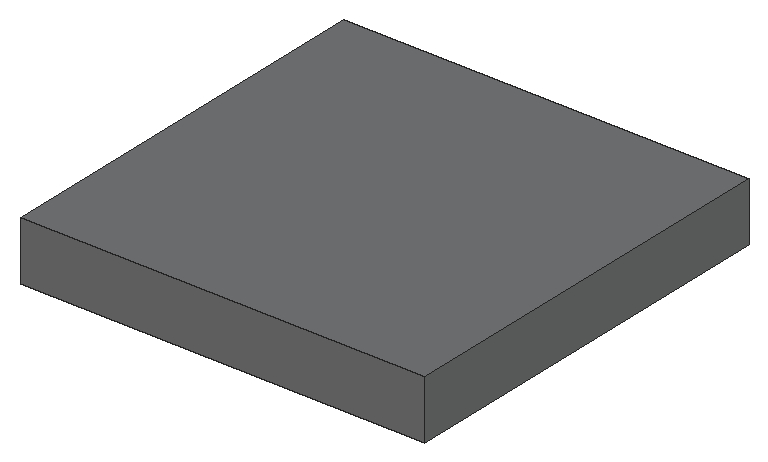
Revit family "Gira_5367600", category Electrical Fixtures, host Face, Revit 2017
Family settings
  Host = Face
  Maintain Annotation Orientation = No
  Round Connector Dimension = Use Diameter
  Part Type = Normal
  Cut with Voids When Loaded = No
  Shared = No
  Room Calculation Point = No
Parameters (values of type "S3000 Jal.- + Schaltuhr BT Gira E22 Edelstahl")
  Werkstoffgüte = "sonstige"
  Werkstoff = "sonstige"
  URL = "http://katalog.gira.de/de_DE/datenblatt.html?artikelnr=5367600"
  Transparent = "No"
  Region = "DE"
  Oberfläche = "sonstige"
  Name = "S3000 Jal.- + Schaltuhr BT Gira E22 Edelstahl"
  Mit LED-Anzeige = "No"
  Mit Abdeckung = "Yes"
  Manufacturer URL = "https://www.gira.de/"
  Keynote = "Sys55_Abdeckung_Schalten und Tasten"
  HeinzeBIM = "https://bimportal.heinze.de/bim/s3000-jal-schaltuhr-bt-gira-e22-edelstahl/2602c66cacff09c97c8c19e44061b5e90bd0a975"
  Halogenfrei = "Yes"
  HAN = "5367600"
  Geeignet für Schalteinsatz = "Yes"
  Geeignet für Jalousieeinsatz = "Yes"
  Geeignet für Dimmeinsatz = "No"
  GTIN = "4010337027553"
  Farbe = "edelstahl"
  Default Elevation = 1219.2 mm
  Data sheet (1) = "https://katalog.gira.de/de_DE/download.html?artikelnr=5367600"
  Category = "Bedienelement intelligent"
  Available = "Yes"
  Ausführung der Oberfläche = "nicht zutreffend"
  Anzahl der Tasten = "2 "
  Anzahl der Betätigungspunkte = "4 "
  Anwendung = "Steuern elektrischer Verbraucher"
  Anthrazit [instance] = Anthrazit
Reference planes
  plane 1 "Center (Front/Back)": y = 0
  plane 2: z = 0
  plane 3 "Center (Left/Right)": x = 0
Forms (mm)
  Extrusion 1, solid, material "Anthrazit" <- "Anthrazit", detail levels fine
    sketch origin (0, 0, 0) x (1, 0, 0) y (0, 1, 0)
      loop
        line (-27.5, 27.5) -> (-27.5, -27.5) -> (27.5, -27.5) -> (27.5, 27.5) -> (-27.5, 27.5)
    from 0 to 8
  Extrusion 2, void
    sketch origin (0, 0, 0) x (1, 0, 0) y (0, 1, 0)
      loop
        line (26, 26) -> (-26, 26) -> (-26, -26) -> (26, -26) -> (26, 26)
    from 0 to 6
  Extrusion 3, solid, material "Anthrazit" <- "Anthrazit", detail levels medium
    sketch origin (0, 0, 0) x (1, 0, 0) y (0, 1, 0)
      loop
        line (-27.5, 27.5) -> (-27.5, -27.5) -> (27.5, -27.5) -> (27.5, 27.5) -> (-27.5, 27.5)
    from 0 to 8
  Extrusion 4, solid, material "Anthrazit" <- "Anthrazit", detail levels medium
    sketch origin (0, 0, 0) x (1, 0, 0) y (0, 1, 0)
      loop
        line (11, -17.5) -> (11, 17.5) -> (-11, 17.5) -> (-11, -17.5) -> (11, -17.5)
    from -6 to 6
  Extrusion 5, solid, material "Anthrazit" <- "Anthrazit", detail levels fine
    sketch origin (0, 0, 0) x (1, 0, 0) y (0, 1, 0)
      loop
        line (11, 17.5) -> (-11, 17.5) -> (-11, 16.5) -> (11, 16.5) -> (11, 17.5)
      loop
        line (-11, -16.5) -> (-11, -17.5) -> (11, -17.5) -> (11, -16.5) -> (-11, -16.5)
    from -4 to 6
  Extrusion 6, solid, material "Anthrazit" <- "Anthrazit", detail levels fine
    sketch origin (0, 0, 0) x (1, 0, 0) y (0, 1, 0)
      loop
        arc (5, 9.347) -> (0, 10.6) -> (-5, 9.347) r 10.6
        line (-5, 9.347) -> (-5, -9.347)
        arc (-5, -9.347) -> (0, -10.6) -> (5, -9.347) r 10.6
        line (5, -9.347) -> (5, 9.347)
    from -6 to 6
  Extrusion 7, solid, material "Anthrazit" <- "Anthrazit", detail levels coarse
    sketch origin (0, 0, 0) x (1, 0, 0) y (0, 1, 0)
      loop
        line (-27.5, 27.5) -> (-27.5, -27.5) -> (27.5, -27.5) -> (27.5, 27.5) -> (-27.5, 27.5)
    from -6 to 8
Cuts and joins
  Extrusion 2 cuts Extrusion 1
Dimensions and locks
  aligned and locked: plane 2 to host face
  aligned and locked: level to host face
